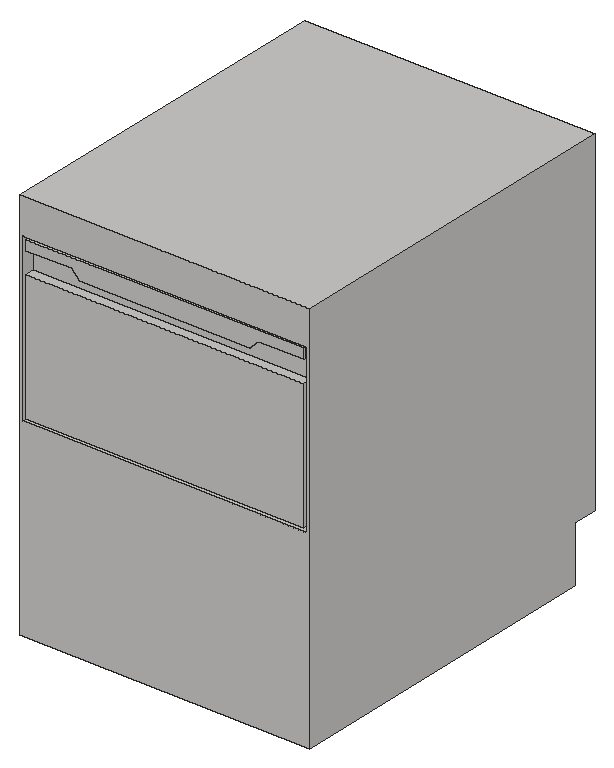
Revit family "QF_ELECTROLUXPROFESSIONAL_402211_ESSICWPB", category Specialty Equipment, Revit 2018
Family settings
  Round Connector Dimension = Use Diameter
  Part Type = Normal
  Work Plane-Based = No
  Always vertical = Yes
  Cut with Voids When Loaded = No
  Shared = No
  Room Calculation Point = No
Parameters
  Weight = 34.00 kg
  Watts = 0 W
  Volts = 0 V
  URL Manufacturer = ""
  URL = "http://professional.electrolux.com/"
  Steam Supply Size = 0 mm
  Steam Supply Minimum Pressure = 0.0 Pa
  Steam Supply Maximum Pressure = 0.0 Pa
  Steam Pounds per Hour = 0
  Show Logo [instance] = yes
  Show Clearance [instance] = yes
  Refrigeration Suction Line Size = 0 mm
  Refrigeration Liquid Line Size = 0 mm
  Refrigerant Compressor Remote = yes
  Manufacturer = ""
  Phase = 0
  Model = ""
  Length Actual = 460 mm  # constant formula
  Item Number = ""
  Hot Water Size = 0 mm
  Height Actual = 635 mm  # constant formula
  HP = "4.4 HP"
  Gas Size = 0 mm
  Gas KW = 0
  Gas Input Pressure = 0 W
  Direct Waste Size = 27 mm
  Description = ""
  Depth Actual = 565 mm  # constant formula
  Cycle = 0 Hz
  Condensate Return Size = 0 mm
  Compressed Air Volume = 0.0 L/s
  Compressed Air Size = 0 mm
  Compressed Air Pressure = 0.0 Pa
  Cold Water Size = 0 mm
  Accessory = yes
Types (2, lengths in mm): name | Volts | URL Manufacturer | URL | Manufacturer | Phase | Model | Item Number | Description | Cycle | Cold Water Size
  (no name) | 0 V | "" | "http://professional.electrolux.com/" | "" | 0 | "" | "" | "" | 0 Hz | 0
  Standard | 220 V | "http://professional.electrolux.com" | "http://professional.electrolux.com" | "Electrolux Professional" | 1 | "ESSICWPB" | "402211" | "GLASSWASHER(SHORT S) DOUBLE SKIN, COLD RINSE, WS, DP, RBP, 30B/H" | 50 Hz | 19.05
Reference planes
  plane 1 "Center (Front/Back)": y = 0
  plane 2: z = 0
  plane 3 "Center (Left/Right)": x = 0
  plane 4 "LEFT": x = -230
  plane 5 "RIGHT": x = 230
  plane 6 "FRONT": y = -282.5
  plane 7 "BACK": y = 282.5
  plane 8: x = -202.5
  plane 9: x = 202.5
  plane 10: z = 635
  plane 11: z = 10
Forms (mm)
  Extrusion 1, solid, material "QF_Finishes_Stainless Steel"
    sketch origin (0, 0, 0) x (1, 0, 0) y (0, 1, 0)
      loop
        line (-230, -282.5) -> (230, -282.5) -> (230, 243.5) -> (-230, 243.5) -> (-230, -282.5)
    from 10 to 635
  Extrusion 2, solid, material "QF_Finishes_Stainless Steel"
    sketch origin (0, 0, 0) x (1, 0, 0) y (0, 1, 0)
      loop
        line (-230, 243.5) -> (230, 243.5) -> (230, 282.5) -> (-230, 282.5) -> (-230, 243.5)
    from 100 to 635
  Extrusion 3, solid, material "QF_Finishes_Stainless Steel"
    sketch origin (0, 0, 0) x (1, 0, 0) y (0, 1, 0)
      loop
        circle (-202.5, 184.5) r 12.5
      loop
        circle (202.5, 184.5) r 12.5
      loop
        circle (-202.5, -235.5) r 12.5
      loop
        circle (202.5, -235.5) r 12.5
    from 0 to 10
  Extrusion 4, void
    sketch origin (-230, -282.5, 0) x (-1, 0, 0) y (0, 0, 1)
      loop
        line (-5, 578.217) -> (-455, 578.217) -> (-455, 315) -> (-5, 315) -> (-5, 578.217)
    from 0 to 30
  Extrusion 5, solid, material "QF_Finishes_Stainless Steel"
    sketch origin (-53, -392, 738) x (0, 0, -1) y (1, 0, 0)
      loop
        circle (693, 213) r 10
    from -635.5 to -674.5
  Extrusion 6, solid, material "QF_Door-Drawer Clearances", visible <- "Show Clearance", detail levels coarse
    sketch origin (-230, -282.5, 0) x (0, 1, 0) y (0, 0, -1)
      loop
        line (0, -315) -> (-230, -315)
        arc (-230, -315) -> (-165.874, -490.004) -> (0, -575) r 255.719
        line (0, -575) -> (0, -315)
    from -10 to -450
  Extrusion 7, solid, material "QF_Finishes_Stainless Steel"
    sketch origin (-242.481, -392, 738) x (0, 0, -1) y (1, 0, 0)
      loop
        circle (663, 322.481) r 8
    from -635.5 to -674.5
  Extrusion 8, solid, material "QF_Finishes_Stainless Steel"
    sketch origin (-230, -282.5, 0) x (0, 1, 0) y (0, 0, -1)
      loop
        line (0, -320) -> (0, -525) -> (15, -525) -> (15, -575) -> (25, -575) -> (25, -320) -> (0, -320)
    from -10 to -450
  Extrusion 9, solid, material "QF_Finishes_Stainless Steel"
    sketch origin (-230, -282.5, 0) x (0, 1, 0) y (0, 0, -1)
      loop
        line (15, -575) -> (15, -572.514) -> (2.5, -572.514) -> (2.5, -546.25) -> (0, -546.25) -> (0, -575) -> (15, -575)
    from -10 to -450
  Extrusion 10, void
    sketch origin (-230, -282.5, 575) x (0, 0, 1) y (1, 0, 0)
      loop
        line (-15.552, 10) -> (-15.552, 81.607) -> (-28.75, 94.804) -> (-28.75, 10) -> (-15.552, 10)
      loop
        line (-15.552, 450) -> (-28.75, 450) -> (-28.75, 365.196) -> (-15.552, 378.393) -> (-15.552, 450)
    from 0 to 2.5
  Extrusion 11, solid, material "QF_Finishes_Stainless Steel"
    sketch origin (-328, -392, 738) x (0, 0, -1) y (1, 0, 0)
      loop
        circle (663, 228) r 8
    from -635.5 to -674.5
Cuts and joins
  Extrusion 4 cuts Extrusion 1
  joined: Extrusion 1, Extrusion 2
  Extrusion 10 cuts Extrusion 8
  Extrusion 10 cuts Extrusion 9
Lines and regions (mm)
  Split face 1
    outline origin (-230, -282.5, 635) x (0, 0, -1) y (1, 0, 0)
      loop
        line (56.783, 5) -> (42.5, 5) -> (42.5, 67.5) -> (49.142, 74.142) -> (49.142, 385.858) -> (42.5, 392.5) -> (42.5, 455) -> (56.783, 455)
  Split face 2
    outline origin (-230, -282.5, 635) x (0, 0, -1) y (1, 0, 0)
      loop
        line (42.5, 5) -> (5, 5) -> (5, 455) -> (42.5, 455)
  Split face 3
    outline origin (-230, -282.5, 635) x (0, 0, -1) y (1, 0, 0)
      loop
        line (19.683, 178.044) -> (39.683, 178.044) -> (39.683, 218.044) -> (19.683, 218.044) -> (19.683, 178.044)
  symbolic lines
    curve 1: line (-230, 282.5, 0) -> (230, 282.5, 0)
    curve 2: line (-230, -282.5, 0) -> (-230, 282.5, 0)
    curve 3: line (230, -282.5, 0) -> (-230, -282.5, 0)
    curve 4: line (230, 282.5, 0) -> (230, -282.5, 0)
  symbolic lines, style "QF_Door-Drawer Clearances"
    curve 5: line (-220, -512.5, 0) -> (220, -512.5, 0)
    curve 6: line (220, -512.5, 0) -> (220, -282.5, 0)
    curve 7: line (-220, -512.5, 0) -> (-220, -282.5, 0)
  symbolic lines, style "SpecialityEquipmentHiddenLines"
    curve 8: line (-230, 243.5, 0) -> (230, 243.5, 0)
Dimensions and locks
  equal spacing: plane 4 "LEFT", plane 3 "Center (Left/Right)", plane 5 "RIGHT"
  equal spacing: plane 7 "BACK", plane 1 "Center (Front/Back)", plane 6 "FRONT"
  plane 7 "BACK" to plane 6 "FRONT" = 565 mm
  plane 4 "LEFT" to plane 5 "RIGHT" = 460 mm
  plane 4 "LEFT" to plane 8 = 27.5 mm
  plane 9 to plane 5 "RIGHT" = 27.5 mm
  locked: plane 11 to level at 10
  plane 4 "LEFT" to plane 3 "Center (Left/Right)" = 230 mm
  plane 10 to level = 635 mm  (x2)
  plane 8 to plane 9 = 405 mm
  level to Extrusion 11 sketch curve = 75 mm
  Extrusion 11 sketch curve to plane 4 "LEFT" = 130 mm
  level to Extrusion 5 sketch curve = 45 mm
  Extrusion 5 sketch curve to plane 4 "LEFT" = 390 mm
  Extrusion 7 sketch curve to plane 4 "LEFT" = 310 mm
  level to Extrusion 7 sketch curve = 75 mm
  locked: Extrusion 3 to cut or joined group of Extrusion 1, Extrusion 2, Extrusion 4 at 98
  Extrusion 3 to Extrusion 3 = 420 mm
  locked: plane 6 "FRONT" to Extrusion 3 at 47
  plane 9 to plane 8 = 405 mm
  plane 7 "BACK" to curve 5 = 795 mm
  cut or joined group of Extrusion 8, Extrusion 10 to cut or joined group of Extrusion 1, Extrusion 2, Extrusion 4 = 210 mm
  aligned and locked: level to plane 2
  aligned and locked: Extrusion 1 sketch curve to plane 6 "FRONT"
  aligned and locked: Extrusion 1 sketch curve to plane 4 "LEFT"
  aligned and locked: plane 5 "RIGHT" to Extrusion 1 sketch curve
  aligned and locked: Extrusion 1 to plane 11
  aligned and locked: Extrusion 2 sketch curve to Extrusion 1  (x2)
  aligned and locked: plane 7 "BACK" to Extrusion 2 sketch curve
  aligned and locked: plane 5 "RIGHT" to Extrusion 2 sketch curve
  aligned and locked: plane 11 to Extrusion 3
  aligned and locked: Extrusion 2 to Extrusion 5
  aligned and locked: Extrusion 2 to Extrusion 7
  aligned and locked: plane 7 "BACK" to Extrusion 7
  aligned and locked: plane 7 "BACK" to Extrusion 5
  aligned and locked: cut or joined group of Extrusion 9, Extrusion 10 to Extrusion 10
  aligned and locked: plane 10 to Extrusion 2
Automatic sketch dimensions
  curve 1 to plane 4 "LEFT" = 0 mm
  curve 7 to plane 6 "FRONT" = 0 mm
  curve 4 to plane 5 "RIGHT" = 0 mm
  curve 2 to plane 7 "BACK" = 0 mm
  plane 4 "LEFT" to curve 5 = 10 mm
  curve 6 to plane 5 "RIGHT" = 10 mm
  curve 8 to plane 7 "BACK" = 39 mm
  Extrusion 1 sketch curve to plane 7 "BACK" = 39 mm
  Extrusion 3 sketch curve to plane 8 = 0 mm  (x2)
  Extrusion 3 sketch curve to plane 9 = 0 mm  (x2)
  plane 6 "FRONT" to Extrusion 3 sketch curve = 47 mm  (x2)
  Extrusion 3 sketch curve to plane 7 "BACK" = 98 mm  (x2)
  Extrusion 4 sketch curve to Extrusion 1 = 5 mm  (x2)
  Extrusion 4 sketch curve to Extrusion 1 = 305 mm
  Extrusion 4 sketch curve to Extrusion 1 = 56.783 mm
  Extrusion 8 sketch curve to plane 6 "FRONT" = 0 mm
  plane 6 "FRONT" to Extrusion 8 sketch curve = 15 mm
  Extrusion 8 sketch curve to Extrusion 8 sketch curve = 25 mm
  Extrusion 8 sketch curve to plane 10 = 60 mm
  Extrusion 8 sketch curve to Extrusion 8 sketch curve = 50 mm
  Extrusion 8 sketch curve to Extrusion 8 sketch curve = 205 mm
  Extrusion 9 sketch curve to plane 6 "FRONT" = 0 mm
  Extrusion 9 sketch curve to Extrusion 9 sketch curve = 2.5 mm
  Extrusion 9 sketch curve to Extrusion 9 sketch curve = 12.5 mm
  Extrusion 9 sketch curve to plane 10 = 60 mm
  Extrusion 9 sketch curve to Extrusion 9 sketch curve = 2.486 mm
  Extrusion 9 sketch curve to Extrusion 9 sketch curve = 26.264 mm
  Extrusion 10 sketch curve to Extrusion 9 = 0 mm  (x3)
  Extrusion 9 to Extrusion 10 sketch curve = 0 mm
  Extrusion 10 sketch curve to Extrusion 9 = 13.198 mm  (x2)
  Extrusion 10 sketch curve to Extrusion 9 = 71.607 mm
  Extrusion 10 sketch curve to Extrusion 10 sketch curve = 13.198 mm  (x2)
  Extrusion 10 sketch curve to Extrusion 9 = 84.804 mm
  Extrusion 6 sketch curve to plane 6 "FRONT" = 0 mm
  Extrusion 6 sketch curve to plane 6 "FRONT" = 230 mm
  plane 6 "FRONT" to Extrusion 6 sketch curve = 25.658 mm
  Extrusion 6 sketch curve to plane 10 = 60 mm
  Extrusion 6 sketch curve to Extrusion 6 sketch curve = 254.429 mm
  Split face 1 sketch curve to cut or joined group of Extrusion 1, Extrusion 2, Extrusion 4 = 0 mm  (x4)
  cut or joined group of Extrusion 1, Extrusion 2, Extrusion 4 to Split face 1 sketch curve = 7.641 mm
  Split face 1 sketch curve to Split face 1 sketch curve = 6.642 mm  (x4)
  Split face 1 sketch curve to Split face 1 sketch curve = 62.5 mm
  Split face 1 sketch curve to cut or joined group of Extrusion 1, Extrusion 2, Extrusion 4 = 69.142 mm
  Split face 2 sketch curve to cut or joined group of Extrusion 1, Extrusion 2, Extrusion 4 = 0 mm  (x2)
  Split face 2 sketch curve to cut or joined group of Extrusion 1, Extrusion 2, Extrusion 4 = 5 mm
  cut or joined group of Extrusion 1, Extrusion 2, Extrusion 4 to Split face 2 sketch curve = 14.283 mm  (x2)
  Split face 3 sketch curve to cut or joined group of Extrusion 1, Extrusion 2, Extrusion 4 = 19.683 mm
  cut or joined group of Extrusion 1, Extrusion 2, Extrusion 4 to Split face 3 sketch curve = 17.1 mm
  Split face 3 sketch curve to cut or joined group of Extrusion 1, Extrusion 2, Extrusion 4 = 173.044 mm
  Split face 3 sketch curve to Split face 3 sketch curve = 40 mm
  radius of Extrusion 5 sketch curve = 10 mm
  radius of Extrusion 7 sketch curve = 8 mm
  radius of Extrusion 11 sketch curve = 8 mm
  radius of Extrusion 3 sketch curve = 12.5 mm  (x4)
Connectors
  piping at (160, 282.5, 45), diameter 20
    settings: on Extrusion 5, index 1, connector inside diameter 609.6 mm, connector length 0 mm, flow factor 0, pipe flow 0.0 L/s, pressure drop 0.0 Pa, fitting loss kfactor 0, connector angle 0.00°, fixture units 0, engagement length 0 mm, angle of deflection 0.00°, flow configuration 1, flow direction 1, fitting loss method 0, system type 16, joint type 0, gender type 0, connector reference index -1, connector utility 0, adjustable connector no, is connector primary yes, connector description "Drain"
  piping at (80, 282.5, 75), driven by "Cold Water Size"
    settings: on Extrusion 7, index 3, connector diameter 0 mm, connector inside diameter 609.6 mm, connector length 0 mm, flow factor 0, pipe flow 0.0 L/s, pressure drop 0.0 Pa, fitting loss kfactor 0, connector angle 0.00°, fixture units 0, engagement length 0 mm, angle of deflection 0.00°, flow configuration 1, flow direction 1, fitting loss method 0, system type 20, joint type 0, gender type 0, connector reference index -1, connector utility 0, adjustable connector no, is connector primary no, connector description "Cold Water Inlet"
  electrical at (-100, 282.5, 75), driven by "Volts"
    settings: on Extrusion 11, index 4, voltage 0 V, apparent load 0 VA, apparent load phase1 0 VA, apparent load phase2 0 VA, apparent load phase3 0 VA, power factor 1, load classification "Altro", number of poles 1, system type 31, power factor state 1, is connector primary yes, connector utility no, sub classification motor no, connector description "Electrical Connection"
